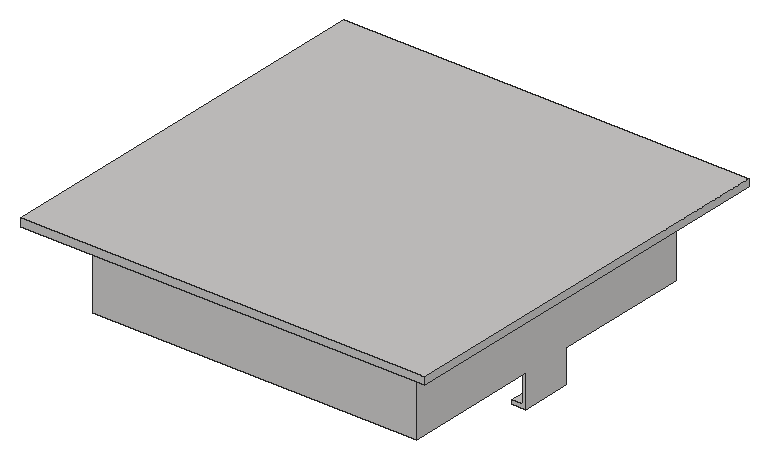
Revit family "Access_Panel-Wall_Ceiling_Door-Activar-Interior_Access-FDS", category Doors, host Face, Revit 2012
Parameters (values of type "See Type Catalog")
  ecoScorecard_data = ""
  ecoScorecard Product Page = "http://ecoscorecard.com/"
  Width = 10"
  Warranty URL = "http://www.activarcpg.com/sites/default/files/warranty/jl-industries/JL%20AP%20Warranty.pdf"
  URL = "http://www.activarcpg.com/"
  Submittal URL = "http://www.activarcpg.com/sites/default/files/submittals/JL/Access%20Panels/Access%20Panel_FD_FDS_2HR_W_Submittal.pdf"
  Subcategory = "Access Panels"
  Shipping Weight = 6.00 lbf
  Rough Width = 8 3/8"
  Rough Height = 8 3/8"
  Product Page URL = "http://www.activarcpg.com/jl-industries/product/fds"
  Product Line = "Fire-Rated Access Panels"
  Panel Type Use = "Stainless Steel (Wall or Ceiling)"
  Options = "Mortise Slam Lock Prep (U3) or Mortise Slam Lock Installed (U4)."  # constant formula
  Opening Gap = 3/16"
  Number of Latches = 1
  Model = "FDS-0808U"
  Manufacturer Toll Free Phone = "800-554-6077"
  Manufacturer Phone = "952-835-6850"
  Manufacturer Fax = "952-835-2218"
  Manufacturer Email = "mailto:Sales@activarcpg.com"
  Manufacturer Address = "9702 Newton Av S, Bloomington MN 55431"  # constant formula
  Manufacturer = "Activar Construction Products Group"  # constant formula
  Maitenance URL = "http://www.activarcpg.com/sites/default/files/InstallationMaint/JL/Access%20Panel%20Cleaning%20and%20Maintenance.pdf"
  Installation URL = ""
  Height = 10"
  Hardware = "Universal turn ring and key lock (U)."
  Frame = "16 gauge stainless steel with a 1” flange. Welded-on masonry anchor"
  Fire Rating Wall Installation = "1-1/2 hour UL“B” label in a 2 hour fire barrier. File # R13067-1. Maximum size 48” x 48”. HGFD max size 24\" x 48\""
  Fire Rating Ceiling Installation = "Warnock Hersey listed for ceiling installations with 3 hour non-combustible rating or 1 hour combustible rating. FD, FDPW, FDWB, FDSS. File # WHI-495-PSH-0163. Maximum size 24” x 36”"
  Finish [instance] = Stainless Steel - Activar - #4 Satin Finish (304)
  Drywall Bead Installation = yes
  Door = "2” thick, insulated 20 gauge stainless steel with continuous hinge"
  Description = "Fire-Rated & Insulated Stainless, Flush Frame Access Panel"
  Default Elevation = 48"
  Custom Size Note = "Custom sizes are available.  Contact manufacturer for availability."  # constant formula
  Cost Info = "mailto:Sales@activarcpg.com"
  CSFM = "This product has been approved by the California State Fire Marshall (CSFM) pursuant to Section 13144.1 of the California Health and Safety Code. See CSFM Listing No 3330-1223:101 for allowable values and/or conditions for use concerning material presented in this document. It is subject reexamination, revision and possible cancellation."
  Assembly Code = "C1020700"
  Anchors Available = "Masonry Anchors Standard"  # constant formula
  Additional Info URL = "http://www.activarcpg.com/sites/default/files/Specifications/Access%20Panels.doc"
  95 CSI = "08310"
  04 CSI = "08 31 16"
Reference planes (in)
  plane 1 "Center (Front/Back)": y = 0
  plane 2 "Not Reference": z = 0
  plane 3 "Center (Left/Right)": x = 0
  plane 4 "Left Opening": x = -4.1875
  plane 5 "Right Opening": x = 4.1875
  plane 6 "Back Opening": y = 4.1875
  plane 7 "Front Opening": y = -4.1875
  plane 8 "Host Level": z = 0
  plane 9 "Front Door": z = 0.1875
  plane 10 "Box Depth": z = -2
  plane 11 "Top": y = 5
  plane 12 "Base": y = -5
  plane 13 "Left": x = -5
  plane 14 "Right": x = 5
  plane 15: x = -4
  plane 16: x = 4
  plane 17: y = 4
  plane 18: y = -4
  plane 19: x = 2.96875
  plane 20 "Void Depth": z = -26
Forms (in)
  Extrusion 1, void
    sketch origin (0, 0, 0) x (1, 0, 0) y (0, 1, 0)
      loop
        line (-4.1875, 4.1875) -> (-4.1875, -4.1875) -> (4.1875, -4.1875) -> (4.1875, 4.1875) -> (-4.1875, 4.1875)
    from 0 to -26
  Extrusion 2, solid, material "Stainless Steel - Activar - #4 Satin Finish (304)" <- "Finish"
    sketch origin (0, 0, 0) x (1, 0, 0) y (0, 1, 0)
      loop
        line (-5, 5) -> (-5, -5) -> (5, -5) -> (5, 5) -> (-5, 5)
    from 0 to 0.1875
  Extrusion 3, solid, material "Stainless Steel - Activar - #4 Satin Finish (304)" <- "Finish"
    sketch origin (0, 0, 0) x (1, 0, 0) y (0, 1, 0)
      loop
        line (-4, 4) -> (-4, -4) -> (4, -4) -> (4, 4) -> (-4, 4)
    from -2 to 0
  Extrusion 4, solid, material "Stainless Steel - Activar - #4 Satin Finish (304)" <- "Finish"
    sketch origin (-0.16166, 0, 0.00326) x (1, 0, 0) y (0, 0, 1)
      loop
        line (4.16166, -2.00326) -> (4.07939, -2.00326) -> (4.07939, -2.72507) -> (3.82939, -2.72507) -> (3.82939, -2.81299) -> (4.16166, -2.81299) -> (4.16166, -2.00326)
    from -0.62189 to 0.63193
Cuts and joins
  joined: Extrusion 2, Extrusion 3, Extrusion 4
Lines and regions (in)
  Masking region 1
    outline origin (0, 0, 0) x (1, 0, 0) y (0, 0, 1)
      loop
        line (-5, 0.1875) -> (-5, 0) -> (-4, 0) -> (-4, -2.80973) -> (-3.66773, -2.80973) -> (-3.66773, -2.72181) -> (-3.91773, -2.72181) -> (-3.91773, -2) -> (3.91773, -2) -> (3.91773, -2.72181) -> (3.66773, -2.72181) -> (3.66773, -2.80973) -> (4, -2.80973) -> (4, 0) -> (5, 0) -> (5, 0.1875) -> (-5, 0.1875)
  Masking region 2
    outline origin (0, 0, 0) x (1, 0, 0) y (0, 1, 0)
      loop
        line (-5, 5) -> (-5, -5) -> (5, -5) -> (5, 5) -> (-5, 5)
  model lines, detail levels medium+fine
    curve 1: line (-4, 4, 0.1875) -> (4, 4, 0.1875)
    curve 2: line (-4, -4, 0.1875) -> (-4, 4, 0.1875)
    curve 3: line (4, -4, 0.1875) -> (-4, -4, 0.1875)
    curve 4: line (4, 4, 0.1875) -> (4, -4, 0.1875)
  symbolic lines, detail levels medium+fine
    curve 5: line (-4.1875, 0, 0) -> (4.1875, 0, 0)
    curve 6: line (-4, -4, 0) -> (-4, 4, 0)
    curve 7: line (-4, 4, 0) -> (4, 4, 0)
    curve 8: line (4, 4, 0) -> (4, -4, 0)
    curve 9: line (4, -4, 0) -> (-4, -4, 0)
  symbolic lines, detail levels fine
    curve 10: line (-4, 0, -2) -> (-3.91773, 0, -2)
    curve 11: circle (2.96875, 0, 0) r 0.10148 normal (0, 0, 1)
    curve 12: arc (2.87461, -0.03791, 0) -> (2.96875, -0.65023, 0) -> (3.06289, -0.03791, 0) r 0.3134
    curve 13: arc (3.06984, 0.00897, 0) -> (2.96875, -0.69711, 0) -> (2.86766, 0.00897, 0) r 0.36027
    curve 17: line (3.91773, 0, -2) -> (4, 0, -2)
  model lines, detail levels fine
    curve 14: circle (2.96875, 0, 0.1875) r 0.10148 normal (0, 0, 1)
    curve 15: arc (2.87461, -0.03791, 0.1875) -> (2.96875, -0.65023, 0.1875) -> (3.06289, -0.03791, 0.1875) r 0.3134
    curve 16: arc (3.06984, 0.00897, 0.1875) -> (2.96875, -0.69711, 0.1875) -> (2.86766, 0.00897, 0.1875) r 0.36027
Dimensions and locks (in)
  equal spacing: plane 4 "Left Opening", plane 3 "Center (Left/Right)", plane 5 "Right Opening"
  equal spacing: plane 6 "Back Opening", plane 1 "Center (Front/Back)", plane 7 "Front Opening"
  "Rough Width": plane 4 "Left Opening" to plane 5 "Right Opening"
  "Rough Height": plane 6 "Back Opening" to plane 7 "Front Opening"
  equal spacing: plane 13 "Left", plane 3 "Center (Left/Right)", plane 14 "Right"
  "Height": plane 11 "Top" to plane 12 "Base"
  "Width": plane 13 "Left" to plane 14 "Right"
  locked: plane 9 "Front Door" to plane 8 "Host Level" at 0.1875
  locked: plane 8 "Host Level" to plane 10 "Box Depth" at 2
  equal spacing: plane 11 "Top", plane 1 "Center (Front/Back)", plane 12 "Base"
  locked: plane 19 to plane 5 "Right Opening" at 1.21875
  "Opening Gap": plane 16 to plane 5 "Right Opening"
  "Opening Gap": plane 4 "Left Opening" to plane 15
  "Opening Gap": plane 6 "Back Opening" to plane 17
  "Opening Gap": plane 18 to plane 7 "Front Opening"
  plane 10 "Box Depth" to plane 20 "Void Depth" = 24"
  Masking region 1 sketch curve to plane 15 = 0"
  locked: plane 10 "Box Depth" to Masking region 1 sketch curve at 0.80973
  locked: curve 13 to plane 1 "Center (Front/Back)" at 0.33683
  locked: curve 12 to plane 1 "Center (Front/Back)" at 0.33683
  locked: curve 16 to plane 1 "Center (Front/Back)" at 0.33683
  locked: curve 15 to plane 1 "Center (Front/Back)" at 0.33683
  locked: plane 16 to Extrusion 4 sketch curve at 0.08227
  locked: plane 16 to Extrusion 4 sketch curve at 0.33227
  aligned and locked: plane 2 "Not Reference" to host face
  aligned and locked: level to host face
  aligned and locked: plane 4 "Left Opening" to Extrusion 1 sketch curve
  aligned and locked: Extrusion 1 sketch curve to plane 5 "Right Opening"
  aligned and locked: Extrusion 1 sketch curve to plane 6 "Back Opening"
  aligned and locked: plane 7 "Front Opening" to Extrusion 1 sketch curve
  aligned and locked: plane 2 "Not Reference" to Extrusion 1
  aligned and locked: Extrusion 2 sketch curve to plane 14 "Right"
  aligned and locked: Extrusion 2 sketch curve to plane 11 "Top"
  aligned and locked: plane 13 "Left" to Extrusion 2 sketch curve
  aligned and locked: plane 12 "Base" to Extrusion 2 sketch curve
  aligned and locked: plane 9 "Front Door" to Extrusion 2
  aligned and locked: Extrusion 2 to plane 8 "Host Level"
  aligned and locked: plane 8 "Host Level" to Extrusion 3
  aligned and locked: Extrusion 3 to plane 10 "Box Depth"
  aligned and locked: plane 15 to curve 2
  aligned and locked: curve 4 to plane 16
  aligned and locked: plane 18 to curve 3
  aligned and locked: Extrusion 2 to plane 13 "Left"
  aligned and locked: plane 11 "Top" to Extrusion 2
  aligned and locked: plane 14 "Right" to Extrusion 2
  aligned and locked: Extrusion 2 to plane 12 "Base"
  aligned and locked: Extrusion 2 to plane 9 "Front Door"
  aligned and locked: Masking region 1 to plane 13 "Left"
  aligned and locked: Masking region 1 to plane 8 "Host Level"  (x2)
  aligned and locked: plane 14 "Right" to Masking region 1
  aligned and locked: plane 9 "Front Door" to Masking region 1
  aligned and locked: plane 2 "Not Reference" to plane 8 "Host Level"
  aligned and locked: Masking region 1 sketch curve to plane 9 "Front Door"
  aligned and locked: curve 10 to plane 10 "Box Depth"
  aligned and locked: plane 12 "Base" to Masking region 2 sketch curve
  aligned and locked: plane 13 "Left" to Masking region 2 sketch curve
  aligned and locked: curve 7 to plane 17
  aligned and locked: plane 18 to curve 9
  aligned and locked: plane 15 to curve 6
  aligned and locked: curve 8 to plane 16
  aligned and locked: Masking region 2 sketch curve to plane 11 "Top"
  aligned and locked: plane 13 "Left" to Masking region 1 sketch curve
  aligned and locked: Masking region 1 sketch curve to plane 14 "Right"
  aligned and locked: plane 8 "Host Level" to Masking region 1 sketch curve  (x2)
  aligned and locked: Extrusion 1 to plane 20 "Void Depth"
  aligned and locked: plane 19 to curve 11
  aligned and locked: plane 1 "Center (Front/Back)" to curve 11
  aligned and locked: plane 19 to curve 13
  aligned and locked: plane 19 to curve 12
  aligned and locked: plane 1 "Center (Front/Back)" to curve 14
  aligned and locked: plane 19 to curve 14
  aligned and locked: plane 19 to curve 16
  aligned and locked: plane 19 to curve 15
  aligned and locked: Masking region 1 sketch curve to plane 16
  aligned and locked: Extrusion 4 sketch curve to plane 16
  aligned and locked: plane 16 to curve 17
  aligned and locked: curve 17 to plane 10 "Box Depth"
  aligned and locked: curve 17 to Masking region 1
  aligned and locked: Masking region 1 to curve 10
  aligned and locked: plane 15 to Extrusion 3 sketch curve
  aligned and locked: Extrusion 3 sketch curve to plane 17
  aligned and locked: Extrusion 3 sketch curve to plane 16
  aligned and locked: plane 18 to Extrusion 3 sketch curve
  aligned and locked: Extrusion 4 sketch curve to plane 10 "Box Depth"
  aligned and locked: nested 1 to plane 9 "Front Door"
  aligned and locked: plane 15 to nested 1
  aligned and locked: plane 16 to nested 1
Automatic sketch dimensions
  host sketch curve to host sketch curve = 17.57096"
  host sketch curve to host sketch curve = 15.11605"
  Masking region 2 sketch curve to plane 14 "Right" = 0"
  curve 1 to plane 17 = 0"
  curve 13 to plane 19 = 0.10109"
  curve 13 to curve 12 = 0.00695"
  curve 13 to plane 1 "Center (Front/Back)" = 0.00897"
  curve 15 to curve 16 = 0.00695"
  curve 15 to curve 14 = 0.03791"
  curve 15 to curve 16 = 3/64"
  Masking region 1 sketch curve to plane 16 = 0.08227"
  plane 15 to Masking region 1 sketch curve = 0.08227"
  Masking region 1 sketch curve to Masking region 1 sketch curve = 1/4"
  Masking region 1 sketch curve to plane 16 = 0.33227"
  Masking region 1 sketch curve to plane 10 "Box Depth" = 0.80973"
  Masking region 1 sketch curve to Masking region 1 sketch curve = 0.08792"  (x2)
  Masking region 1 sketch curve to plane 10 "Box Depth" = 0"
  curve 5 to level = 0"
  curve 5 to plane 4 "Left Opening" = 0"
  curve 10 to plane 15 = 0"
  curve 5 to plane 5 "Right Opening" = 0"
  Extrusion 4 sketch curve to Extrusion 4 sketch curve = 0.72181"
  Extrusion 4 sketch curve to Extrusion 4 sketch curve = 0.08792"
Nested families (in)
  nested 1: "Access_Panel-Door-Plan_Swing-2D" at (0, 0, 0.1875) x (1, 0, 0) z (0, -1, 0), type "Access_Panel-Door-Plan_Swing-2D"
    with Door Width 8"
Definition of nested family "Access_Panel-Door-Plan_Swing-2D"
  Parameters (values of type "Access_Panel-Door-Plan_Swing-2D")
    Door Width [instance] = 13 1/2"
  Reference planes (in)
    plane 1 "Center (Front/Back)": y = 0
    plane 2: z = 0
    plane 3 "Center (Left/Right)": x = 0
    plane 4: x = -6.75
    plane 5: x = 6.75
  Lines and regions (in)
    detail lines, in view "Ref. Level"
      curve 1: line (-6.75, 0, 0) -> (-6.75, 13.5, 0)
      curve 2: arc (-6.75, 13.5, 0) -> (2.79594, 9.54594, 0) -> (6.75, 0, 0) r 13.5
  Dimensions and locks (in)
    equal spacing: plane 4, plane 3 "Center (Left/Right)", plane 5
    "Door Width": plane 4 to plane 5
    aligned and locked: plane 1 "Center (Front/Back)" to curve 2  (x2)
    aligned and locked: plane 4 to curve 2  (x2)
    aligned and locked: plane 1 "Center (Front/Back)" to curve 1
    aligned and locked: plane 5 to curve 2
    aligned and locked: plane 4 to curve 1
Types in the file's own list only (44): name | Width | Shipping Weight | Rough Width | Rough Height | Opening Gap | Number of Latches | Model | Height
  Wall, 2 Hour Vertical Fire Barrier, 8" x 8" | 10" | 6.00 lb | 8 3/8" | 8 3/8" | 3/16" | 1 | "FDS-0808U" | 10"
  Wall, 2 Hour Vertical Fire Barrier, 10" x 10" | 12" | 8.00 lb | 10 3/8" | 10 3/8" | 3/16" | 1 | "FDS-1010U" | 12"
  Wall, 2 Hour Vertical Fire Barrier, 12" x 12" | 14" | 10.00 lb | 12 3/8" | 12 3/8" | 3/16" | 1 | "FDS-1212U" | 14"
  Wall, 2 Hour Vertical Fire Barrier, 14" x 14" | 16" | 12.00 lb | 14 3/8" | 14 3/8" | 3/16" | 1 | "FDS-1414U" | 16"
  Wall, 2 Hour Vertical Fire Barrier, 16" x 16" | 18" | 15.00 lb | 16 3/8" | 16 3/8" | 3/16" | 1 | "FDS-1616U" | 18"
  Wall, 2 Hour Vertical Fire Barrier, 18" x 18" | 20" | 18.00 lb | 18 3/8" | 18 3/8" | 3/16" | 1 | "FDS-1818U" | 20"
  Wall, 2 Hour Vertical Fire Barrier, 20" x 20" | 22" | 22.00 lb | 20 3/8" | 20 3/8" | 3/16" | 1 | "FDS-2020U" | 22"
  Wall, 2 Hour Vertical Fire Barrier, 20" x 30" | 22" | 29.00 lb | 20 3/8" | 30 3/8" | 3/16" | 1 | "FDS-2030U" | 32"
  Wall, 2 Hour Vertical Fire Barrier, 22" x 22" | 24" | 27.00 lb | 22 3/8" | 22 3/8" | 3/16" | 1 | "FDS-2222U" | 24"
  Wall, 2 Hour Vertical Fire Barrier, 22" x 30" | 24" | 30.00 lb | 22 3/8" | 30 3/8" | 3/16" | 1 | "FDS-2230U" | 32"
  Wall, 2 Hour Vertical Fire Barrier, 22" x 36" | 24" | 37.00 lb | 22 3/8" | 36 3/8" | 3/16" | 2 | "FDS-2236U" | 38"
  Wall, 2 Hour Vertical Fire Barrier, 24" x 24" | 26" | 28.00 lb | 24 3/8" | 24 3/8" | 3/16" | 1 | "FDS-2424U" | 26"
  Wall, 2 Hour Vertical Fire Barrier, 24" x 36" | 26" | 38.00 lb | 24 3/8" | 36 3/8" | 3/16" | 2 | "FDS-2436U" | 38"
  Wall, 2 Hour Vertical Fire Barrier, 24" x 48" | 26" | 56.00 lb | 24 3/8" | 48 3/8" | 3/16" | 2 | "FDS-2448U" | 50"
  Wall, 2 Hour Vertical Fire Barrier, 30" x 30" | 32" | 40.00 lb | 30 3/8" | 30 3/8" | 3/16" | 2 | "FDS-3030U" | 32"
  Wall, 2 Hour Vertical Fire Barrier, 32" x 32" | 34" | 41.00 lb | 32 3/8" | 32 3/8" | 3/16" | 2 | "FDS-3232U" | 34"
  Wall, 2 Hour Vertical Fire Barrier, 36" x 36" | 38" | 54.00 lb | 36 3/8" | 36 3/8" | 3/16" | 2 | "FDS-3636U" | 38"
  Wall, 2 Hour Vertical Fire Barrier, 36" x 48" | 38" | 64.00 lb | 36 3/8" | 48 3/8" | 3/16" | 2 | "FDS-3648U" | 50"
  Ceiling, 1 Hour Combustible, 8" x 8" | 10" | 6.00 lb | 8 3/8" | 8 3/8" | 3/16" | 1 | "FDS-0808U" | 10"
  Ceiling, 1 Hour Combustible, 10" x 10" | 12" | 8.00 lb | 10 3/8" | 10 3/8" | 3/16" | 1 | "FDS-1010U" | 12"
  Ceiling, 1 Hour Combustible, 12" x 12" | 14" | 10.00 lb | 12 3/8" | 12 3/8" | 3/16" | 1 | "FDS-1212U" | 14"
  Ceiling, 1 Hour Combustible, 14" x 14" | 16" | 12.00 lb | 14 3/8" | 14 3/8" | 3/16" | 1 | "FDS-1414U" | 16"
  Ceiling, 1 Hour Combustible, 16" x 16" | 18" | 15.00 lb | 16 3/8" | 16 3/8" | 3/16" | 1 | "FDS-1616U" | 18"
  Ceiling, 1 Hour Combustible, 18" x 18" | 20" | 18.00 lb | 18 3/8" | 18 3/8" | 3/16" | 1 | "FDS-1818U" | 20"
  Ceiling, 1 Hour Combustible, 20" x 20" | 22" | 22.00 lb | 20 3/8" | 20 3/8" | 3/16" | 1 | "FDS-2020U" | 22"
  Ceiling, 1 Hour Combustible, 20" x 30" | 22" | 29.00 lb | 20 3/8" | 30 3/8" | 3/16" | 1 | "FDS-2030U" | 32"
  Ceiling, 1 Hour Combustible, 22" x 22" | 24" | 27.00 lb | 22 3/8" | 22 3/8" | 3/16" | 1 | "FDS-2222U" | 24"
  Ceiling, 1 Hour Combustible, 22" x 30" | 24" | 30.00 lb | 22 3/8" | 30 3/8" | 3/16" | 1 | "FDS-2230U" | 32"
  Ceiling, 1 Hour Combustible, 22" x 36" | 24" | 37.00 lb | 22 3/8" | 36 3/8" | 3/16" | 2 | "FDS-2236U" | 38"
  Ceiling, 1 Hour Combustible, 24" x 24" | 26" | 28.00 lb | 24 3/8" | 24 3/8" | 3/16" | 1 | "FDS-2424U" | 26"
  Ceiling, 1 Hour Combustible, 24" x 36" | 26" | 38.00 lb | 24 3/8" | 36 3/8" | 3/16" | 2 | "FDS-2436U" | 38"
  Ceiling, 3 Hour Non_Combustible, 8" x 8" | 10" | 6.00 lb | 9 5/8" | 9 5/8" | 13/16" | 1 | "FDS-0808U" | 10"
  Ceiling, 3 Hour Non_Combustible, 10" x 10" | 12" | 8.00 lb | 11 5/8" | 11 5/8" | 13/16" | 1 | "FDS-1010U" | 12"
  Ceiling, 3 Hour Non_Combustible, 12" x 12" | 14" | 10.00 lb | 13 5/8" | 13 5/8" | 13/16" | 1 | "FDS-1212U" | 14"
  Ceiling, 3 Hour Non_Combustible, 14" x 14" | 16" | 12.00 lb | 15 5/8" | 15 5/8" | 13/16" | 1 | "FDS-1414U" | 16"
  Ceiling, 3 Hour Non_Combustible, 16" x 16" | 18" | 15.00 lb | 17 5/8" | 17 5/8" | 13/16" | 1 | "FDS-1616U" | 18"
  Ceiling, 3 Hour Non_Combustible, 18" x 18" | 20" | 18.00 lb | 19 5/8" | 19 5/8" | 13/16" | 1 | "FDS-1818U" | 20"
  Ceiling, 3 Hour Non_Combustible, 20" x 20" | 22" | 22.00 lb | 21 5/8" | 21 5/8" | 13/16" | 1 | "FDS-2020U" | 22"
  Ceiling, 3 Hour Non_Combustible, 20" x 30" | 22" | 29.00 lb | 21 5/8" | 31 5/8" | 13/16" | 1 | "FDS-2030U" | 32"
  Ceiling, 3 Hour Non_Combustible, 22" x 22" | 24" | 27.00 lb | 23 5/8" | 23 5/8" | 13/16" | 1 | "FDS-2222U" | 24"
  Ceiling, 3 Hour Non_Combustible, 22" x 30" | 24" | 30.00 lb | 23 5/8" | 31 5/8" | 13/16" | 1 | "FDS-2230U" | 32"
  Ceiling, 3 Hour Non_Combustible, 22" x 36" | 24" | 37.00 lb | 23 5/8" | 37 5/8" | 13/16" | 2 | "FDS-2236U" | 38"
  Ceiling, 3 Hour Non_Combustible, 24" x 24" | 26" | 28.00 lb | 25 5/8" | 25 5/8" | 13/16" | 1 | "FDS-2424U" | 26"
  Ceiling, 3 Hour Non_Combustible, 24" x 36" | 26" | 38.00 lb | 25 5/8" | 37 5/8" | 13/16" | 2 | "FDS-2436U" | 38"
